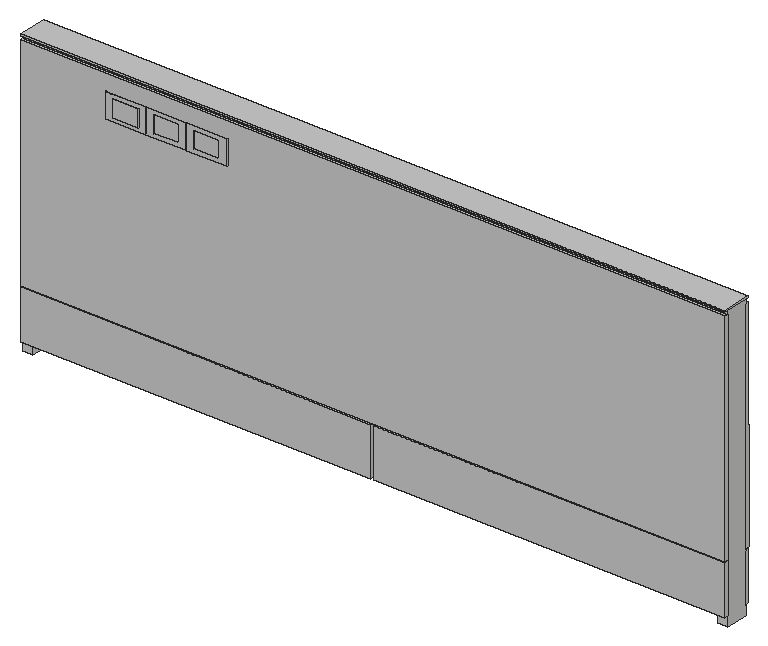
Revit family "System_Furniture-Teknion-Typical-Freestanding_District_Open_03", category Furniture Systems, Revit 2014
Parameters (values of type "Flush 29x72")
  Tackable Fascia = Fabric - Teknion - S610 - Saturate Quarry
  Frame Constraint = if(Convertible Panel Wall, 0.4375", 0")  # 0"
  Frame = Paint - Teknion - Mica - V - Very White
  Flush Panel Material = Fabric - Teknion - S610 - Saturate Quarry
  Power Communications Fascia Material = Fabric - Teknion - S610 - Saturate Quarry
  Width = 72"
  URL = "http://www.teknion.com/"
  Trim = Paint - Teknion - Mica - V - Very White
  Top Trim [instance] = yes
  Sustainability Data = "http://www.teknion.com/about-teknion/environment/datasheets.asp"
  Pricing Guide = "http://www.teknion.com/pricing/ability/pdfs/ability.pdf"
  Panel Type = if(Convertible Panel Wall, 3.4375", 0")  # 0"
  Product Page URL = "http://www.teknion.com/pricing/district/pdfs/UNPC_ppg.pdf"
  Product Name = "District Panely Systems"  # constant formula
  Product Line = "District"  # constant formula
  Part Number = "See Pricing Guide"  # constant formula
  Model = "Convertible 29x84"
  Material = ""
  Mark = ""
  Manufacturer = "Teknion"  # constant formula
  Height = 29"
  Flush Panel Wall = not(Convertible Panel Wall)  # yes
  Disclaimer = "Please note that the Revit Model is for schematic purposes only.  To obtain a detailed list of sizes and prices, please go to the Teknions Price Guide at http://www.teknion.com/pricing/ability/pdfs/ability.pdf."  # constant formula
  Description = "Panel Wall"  # constant formula
  Convertible Panel Wall = no
  Contact Info = "info.us@teknion.com"
  Assembly Code = "E2020200"
  Additional Mat Finishes = "http://www.teknion.com/fabrics-finishes/list/ff_main.html"
  Fascia Material = Paint - Teknion - Mica - V - Very White
  Frames Note [instance] = if([2 Frames], "1 Frame has to be duplicated to make for 2 Frames", " ")  # "1 Frame has to be duplicated to make for 2 Frames"
  2 Frames [instance] = if(Width > 60", 1 = 1, 1 = 0)  # yes
  1 Frame [instance] = if(Width < 61", 1 = 1, 1 = 0)  # no
Reference planes (in)
  plane 1 "Center Front/Back": y = 0
  plane 2: z = 0
  plane 3 "Center Left/Right": x = 0
  plane 4 "Top": z = 29
  plane 5 "Bottom": z = 1
  plane 6 "Left": x = -36
  plane 7 "Right": x = 36
  plane 8 "Back": y = 1.5
  plane 9 "Front": y = -1.5
  plane 10: y = 1.125
  plane 11: y = -1.125
  plane 12: x = 35.25
  plane 13: x = -35.25
  plane 14: z = 4
  plane 15: z = 20
  plane 16: z = 29
  plane 17: y = -1.566
  plane 18: y = -1.6285
  plane 19: y = 1.566
  plane 20: y = 1.6285
  plane 21: z = 0
  plane 22: z = 29
  plane 23 "Fascia Top": z = 29
  plane 24: z = 29.125
  plane 25 "Whiteboard Top": z = 29
  plane 26: z = 0
  plane 27: z = 6
  plane 28: z = 6.125
  plane 29 "bottom base fascia": z = 1
  plane 30 "Bottom fascia top level": z = 28.85
  plane 31 "Top fascia mid level": z = 28.6
  plane 32: x = 0.15
  plane 33: x = -0.15
Forms (in)
  Extrusion 1, solid, material "Paint - Teknion - Mica - V - Very White" <- "Frame"
    sketch origin (0, -1.5, 0) x (-1, 0, 0) y (0, 0, 1)
      loop
        line (35, 4.5) -> (-35, 4.5) -> (-35, 3.5) -> (35, 3.5) -> (35, 4.5)
    from 0.375 to 2.625
  Extrusion 2, solid, material "Paint - Teknion - Mica - V - Very White" <- "Frame"
    sketch origin (0, -1.5, 0) x (-1, 0, 0) y (0, 0, 1)
      loop
        line (35, 0) -> (36, 0) -> (36, 29) -> (-36, 29) -> (-36, 0) -> (-35, 0) -> (-35, 28) -> (35, 28) -> (35, 0)
    from 0.375 to 2.625
  Revolve 3, solid, visible <- "Convertible Panel Wall"
    sketch origin (0, 0, 0) x (1, 0, 0) y (0, 0, 1)
      loop
        line (-35.25, 1) -> (-35.96875, 1) -> (-35.96875, 0) -> (-35.25, 0) -> (-35.25, 1)
      axis (-35.25, 1) -> (-35.25, 0)
    angle from 0 to 360
  Revolve 4, solid, visible <- "Convertible Panel Wall"
    sketch origin (0, 0, 0) x (1, 0, 0) y (0, 0, 1)
      loop
        line (35.25, 1) -> (35.25, 0) -> (35.96875, 0) -> (35.96875, 1) -> (35.25, 1)
      axis (35.25, 1) -> (35.25, 0)
    angle from 0 to 360
  Extrusion 5, solid, material "Paint - Teknion - Mica - V - Very White" <- "Trim", visible <- "Top Trim"
    sketch origin (0, 0, 0) x (1, 0, 0) y (0, 1, 0)
      loop
        line (-36, 1.5) -> (-36, -1.5) -> (36, -1.5) -> (36, 1.5) -> (-36, 1.5)
    from 29 to 29.125
  Extrusion 6, solid, material "Paint - Teknion - Mica - V - Very White" <- "Fascia Material"
    sketch origin (0, -1.5, 0.5) x (-1, 0, 0) y (0, 0, 1)
      loop
        line (36, 5.5) -> (0.15, 5.5) -> (0.15, 0.5) -> (36, 0.5) -> (36, 5.5)
      loop
        line (-0.15, 5.5) -> (-36, 5.5) -> (-36, 0.5) -> (-0.15, 0.5) -> (-0.15, 5.5)
    from 0 to 0.375
  Extrusion 7, solid, material "Paint - Teknion - Mica - V - Very White" <- "Fascia Material"
    sketch origin (0, 1.125, 0.5) x (-1, 0, 0) y (0, 0, 1)
      loop
        line (-0.15, 5.5) -> (-36, 5.5) -> (-36, 0.5) -> (-0.15, 0.5) -> (-0.15, 5.5)
      loop
        line (0.15, 5.5) -> (0.15, 0.5) -> (36, 0.5) -> (36, 5.5) -> (0.15, 5.5)
    from 0 to 0.375
  Extrusion 8, solid, material "Paint - Teknion - Mica - V - Very White" <- "Fascia Material"
    sketch origin (0, -1.5, -14.5) x (-1, 0, 0) y (0, 0, 1)
      loop
        line (36, 43.1) -> (-36, 43.1) -> (-36, 20.625) -> (36, 20.625) -> (36, 43.1)
    from 0 to 0.375
  Extrusion 9, solid, material "Paint - Teknion - Mica - V - Very White" <- "Fascia Material"
    sketch origin (1.54179, 1.125, -14.6692) x (-1, 0, 0) y (0, 0, 1)
      loop
        line (37.54179, 43.2692) -> (-34.45821, 43.2692) -> (-34.45821, 20.7942) -> (37.54179, 20.7942) -> (37.54179, 43.2692)
    from 0 to 0.375
Lines and regions (in)
  Masking region 1
    outline origin (0, 0, 0) x (1, 0, 0) y (0, 1, 0)
      loop
        line (-36, 1.5) -> (-36, -1.49946) -> (36, -1.49946) -> (36, 1.5) -> (-36, 1.5)
  Masking region 2
    outline origin (0, 0, 0) x (1, 0, 0) y (0, 1, 0)
      loop
        line (-27.25, 1.5) -> (-23.15625, 1.5) -> (-23.15625, 1.566) -> (-23.84375, 1.566) -> (-23.84375, 1.6285) -> (-26.4375, 1.6285) -> (-26.4375, 1.566) -> (-27.25, 1.566) -> (-27.25, 1.5)
      loop
        line (-23.09375, 1.566) -> (-23.09375, 1.5) -> (-19, 1.5) -> (-19, 1.566) -> (-23.09375, 1.566)
      loop
        line (-18.9375, 1.566) -> (-18.9375, 1.5) -> (-14.84375, 1.5) -> (-14.84375, 1.566) -> (-18.9375, 1.566)
      loop
        line (-23.09375, -1.5) -> (-23.09375, -1.566) -> (-19, -1.566) -> (-19, -1.5) -> (-23.09375, -1.5)
      loop
        line (-18.9375, -1.5) -> (-18.9375, -1.566) -> (-14.84375, -1.566) -> (-14.84375, -1.5) -> (-18.9375, -1.5)
      loop
        line (-27.25, -1.5) -> (-27.25, -1.566) -> (-26.4375, -1.566) -> (-26.4375, -1.6285) -> (-23.84375, -1.6285) -> (-23.84375, -1.566) -> (-23.15625, -1.566) -> (-23.15625, -1.5) -> (-27.25, -1.5)
Dimensions and locks (in)
  equal spacing: plane 7 "Right", plane 3 "Center Left/Right", plane 6 "Left"
  "Width": plane 7 "Right" to plane 6 "Left"
  equal spacing: plane 8 "Back", plane 1 "Center Front/Back", plane 9 "Front"
  locked: plane 8 "Back" to plane 9 "Front" at 3
  "Height": plane 4 "Top" to plane 2
  locked: plane 11 to plane 9 "Front" at 0.375
  locked: plane 8 "Back" to plane 10 at 0.375
  locked: plane 13 to plane 6 "Left" at 0.75
  locked: plane 7 "Right" to plane 12 at 0.75
  locked: plane 13 to Extrusion 1 sketch curve at 0.25
  locked: plane 12 to Extrusion 1 sketch curve at 0.25
  locked: Extrusion 2 sketch curve to plane 6 "Left" at 1
  locked: plane 7 "Right" to Extrusion 2 sketch curve at 1
  plane 4 "Top" to Extrusion 2 sketch curve = 1"
  locked: plane 4 "Top" to plane 16
  locked: plane 9 "Front" to plane 17 at 0.066
  locked: plane 17 to plane 18 at 0.0625
  plane 20 to plane 19 to plane 8 "Back" = 0.0625" locked, 0.066" locked
  locked: plane 14 to plane 5 "Bottom" at 3
  locked: Revolve 3 sketch curve to plane 13 at 0.71875
  locked: Revolve 4 sketch curve to plane 12 at 0.71875
  Extrusion 1 sketch curve to plane 14 to Extrusion 1 sketch curve = 0.5" locked, 0.5" locked
  plane 22 to plane 4 "Top" = 0"
  locked: plane 4 "Top" to plane 23 "Fascia Top"
  equal spacing: Extrusion 5 sketch curve, plane 1 "Center Front/Back", Extrusion 5 sketch curve
  Extrusion 5 sketch curve to Extrusion 5 sketch curve = 3"
  locked: plane 24 to plane 22 at 0.125
  locked: plane 4 "Top" to plane 25 "Whiteboard Top"
  "Frame Constraint": plane 26 to plane 2
  "Panel Type": plane 21 to plane 2
  locked: plane 27 to level at 6
  locked: plane 13 to nested 3 at 8
  locked: plane 24 to nested 3 at 2.125
  locked: plane 28 to plane 27 at 0.125
  locked: plane 29 "bottom base fascia" to level at 1
  locked: plane 30 "Bottom fascia top level" to level at 28.85
  locked: plane 30 "Bottom fascia top level" to plane 31 "Top fascia mid level" at 0.25
  locked: plane 5 "Bottom" to level at 1
  plane 32 to plane 3 "Center Left/Right" to plane 33 = 0.15" locked, 0.15" locked
  aligned and locked: level to plane 2
  aligned and locked: plane 11 to Extrusion 1
  aligned and locked: plane 10 to Extrusion 1
  aligned and locked: Extrusion 2 sketch curve to plane 7 "Right"
  aligned and locked: plane 6 "Left" to Extrusion 2 sketch curve
  aligned and locked: Extrusion 2 sketch curve to plane 4 "Top"
  aligned and locked: plane 11 to Extrusion 2
  aligned and locked: plane 10 to Extrusion 2
  aligned and locked: plane 13 to Revolve 3 sketch curve  (x2)
  aligned and locked: plane 2 to Revolve 3 sketch curve
  aligned and locked: Revolve 3 sketch curve to plane 5 "Bottom"
  aligned and locked: Revolve 4 sketch curve to plane 12  (x2)
  aligned and locked: plane 5 "Bottom" to Revolve 4 sketch curve
  aligned and locked: Revolve 4 sketch curve to plane 2
  aligned and locked: Extrusion 5 sketch curve to plane 6 "Left"
  aligned and locked: plane 7 "Right" to Extrusion 5 sketch curve
  aligned and locked: plane 22 to Extrusion 5
  aligned and locked: plane 24 to Extrusion 5
  aligned and locked: plane 6 "Left" to Extrusion 6 sketch curve
  aligned and locked: Extrusion 6 to plane 9 "Front"
  aligned and locked: Extrusion 6 to plane 11
  aligned and locked: Masking region 1 sketch curve to Extrusion 5
  aligned and locked: plane 3 "Center Left/Right" to nested 1
  aligned and locked: plane 11 to nested 1
  aligned and locked: plane 25 "Whiteboard Top" to nested 1
  aligned and locked: Masking region 1 sketch curve to plane 8 "Back"
  aligned and locked: plane 26 to Extrusion 2 sketch curve
  aligned and locked: Extrusion 2 sketch curve to plane 26
  aligned and locked: plane 27 to Extrusion 7 sketch curve
  aligned and locked: nested 2 to nested 3
  aligned and locked: nested 3 to nested 2
  aligned and locked: Extrusion 6 to plane 5 "Bottom"
  aligned and locked: Extrusion 7 to plane 5 "Bottom"
  aligned and locked: plane 28 to Extrusion 8
  aligned and locked: Extrusion 8 to plane 6 "Left"
  aligned and locked: plane 7 "Right" to Extrusion 8
  aligned and locked: Extrusion 8 to plane 31 "Top fascia mid level"
  aligned and locked: plane 7 "Right" to Extrusion 9
  aligned and locked: Extrusion 9 to plane 6 "Left"
  aligned and locked: Extrusion 9 to plane 31 "Top fascia mid level"
  aligned and locked: plane 28 to Extrusion 9
  aligned and locked: Extrusion 6 sketch curve to plane 33
  aligned and locked: plane 27 to Extrusion 6 sketch curve
  aligned and locked: plane 32 to Extrusion 6 sketch curve
  aligned and locked: Extrusion 6 sketch curve to Extrusion 7  (x2)
  aligned and locked: plane 32 to Extrusion 7 sketch curve
  aligned and locked: Extrusion 7 sketch curve to plane 33
  aligned and locked: plane 29 "bottom base fascia" to Extrusion 7 sketch curve
  aligned and locked: Masking region 2 sketch curve to nested 2  (x8)
  aligned and locked: Masking region 2 sketch curve to nested 3  (x8)
Automatic sketch dimensions
  Revolve 3 sketch curve to level = 1.8458"
  plane 29 "bottom base fascia" to Revolve 3 sketch curve = 0.36888"
  Revolve 4 sketch curve to level = 1.8458"
  plane 29 "bottom base fascia" to Revolve 4 sketch curve = 0.36888"
  Masking region 1 sketch curve to plane 7 "Right" = 0"
  plane 9 "Front" to Masking region 1 sketch curve = 0.00054"
  Extrusion 8 sketch curve to plane 7 "Right" = 0"
  Extrusion 8 sketch curve to plane 6 "Left" = 0"
  Extrusion 8 sketch curve to plane 28 = 0"
  Extrusion 8 sketch curve to plane 31 "Top fascia mid level" = 0"
  plane 7 "Right" to Extrusion 9 sketch curve = 0"
  plane 13 to Extrusion 9 sketch curve = 0.75"
  Extrusion 9 sketch curve to plane 15 = 13.875"
  plane 31 "Top fascia mid level" to Extrusion 9 sketch curve = 0"
  Extrusion 6 sketch curve to plane 5 "Bottom" = 0"
  Extrusion 6 sketch curve to plane 27 = 0"
  Extrusion 7 sketch curve to plane 7 "Right" = 0"
  Extrusion 7 sketch curve to plane 6 "Left" = 0"
  Extrusion 7 sketch curve to plane 5 "Bottom" = 0"
  Extrusion 7 sketch curve to plane 27 = 0"
  Masking region 2 sketch curve to plane 8 "Back" = 0"
  plane 19 to Masking region 2 sketch curve = 0"  (x2)
  Masking region 2 sketch curve to plane 17 = 0"  (x2)
  Masking region 2 sketch curve to plane 20 = 0"
  plane 18 to Masking region 2 sketch curve = 0"
  Masking region 2 sketch curve to plane 13 = 8"
  Masking region 2 sketch curve to plane 9 "Front" = 0"
  Masking region 2 sketch curve to Masking region 2 sketch curve = 0"
  Masking region 2 sketch curve to Masking region 2 sketch curve = 0.8125"  (x2)
  Masking region 2 sketch curve to Masking region 2 sketch curve = 0.75"  (x2)
  Masking region 2 sketch curve to Masking region 2 sketch curve = 0.0625"  (x2)
Nested families (in)
  nested 1: "White Board" at (0, -1.125, 7), type "White Board", not visible
    with Whiteboard Tray no, Height Note "Available Heights: 22, 24, 30, 37 Inches", Height Constraint 22", Whiteboard Visibility no, Width 72"
  nested 2: "Power Communications Fascia" at (-21.04687, 1.5, 25.75) x (-1, 0, 0) z (0, 1, 0), type "Power Communications Fascia"
  nested 3: "Power Communications Fascia" at (-21.04687, -1.5, 25.75) x (-1, 0, 0) z (0, -1, 0), type "Power Communications Fascia"
Definition of nested family "Power Communications Fascia"
  Parameters (values of type "Power Communications Fascia")
    Default Elevation = 48"
    Communications Fascia = none
  Reference planes (in)
    plane 1 "Center (Front/Back)": y = 0
    plane 2: z = 0
    plane 3 "Center (Left/Right)": x = 0
    plane 4: y = 0.08671
    plane 5: y = 0
    plane 6: y = 0.08671
  Forms (in)
    Extrusion 1, solid
      sketch origin (0, 0, 0) x (1, 0, 0) y (0, 1, 0)
        loop
          line (-48, 48) -> (-48, -48) -> (48, -48) -> (48, 48) -> (-48, 48)
      from 0 to -12
    Extrusion 2, solid, material <- "Communications Fascia"
      sketch origin (-29.79228, -0.26737, -1.4375) x (0, 1, 0) y (-1, 0, 0)
        loop
          line (1.51737, -27.6829) -> (1.51737, -23.58915) -> (-0.98263, -23.58915) -> (-0.98263, -27.6829) -> (1.51737, -27.6829)
        loop
          line (1.51737, -31.83915) -> (1.51737, -27.7454) -> (-0.98263, -27.7454) -> (-0.98263, -31.83915) -> (1.51737, -31.83915)
        loop
          line (1.51737, -31.90165) -> (-0.98263, -31.90165) -> (-0.98263, -35.9954) -> (1.51737, -35.9954) -> (1.51737, -31.90165)
      from 1.4375 to 1.5035
    Extrusion 3, solid, material <- "Communications Fascia"
      sketch origin (-1.09375, 31.94627, 0.1945) x (-1, 0, 0) y (0, -1, 0)
        loop
          line (-3.89062, 32.82127) -> (-6.48437, 32.82127) -> (-6.48437, 31.07127) -> (-3.89062, 31.07127) -> (-3.89062, 32.82127)
      from -0.1285 to -0.066
    Extrusion 4, void
      sketch origin (2.98341, 25.60802, 0.1945) x (1, 0, 0) y (0, 1, 0)
        loop
          line (-4.28029, -26.48302) -> (-1.68654, -26.48302) -> (-1.68654, -24.73302) -> (-4.28029, -24.73302) -> (-4.28029, -26.48302)
        loop
          line (-5.78029, -26.48302) -> (-5.78029, -24.73302) -> (-8.37404, -24.73302) -> (-8.37404, -26.48302) -> (-5.78029, -26.48302)
      from -0.1945 to -0.1285
  Cuts and joins
    Extrusion 4 cuts Extrusion 2
  Dimensions and locks (in)
    Extrusion 2 sketch curve to Extrusion 2 sketch curve to Extrusion 2 sketch curve to Extrusion 2 sketch curve to Extrusion 2 sketch curve to Extrusion 2 sketch curve = 4.09375" locked, 0.0625" locked, 4.09375", 0.0625" locked, 4.09375" locked
    Extrusion 2 sketch curve to Extrusion 2 sketch curve to Extrusion 2 sketch curve to plane 4 to Extrusion 2 sketch curve to Extrusion 2 sketch curve to Extrusion 2 sketch curve = 0" locked, 0" locked, 1.33671" locked, 1.16329" locked, 0" locked, 0" locked
    locked: Extrusion 3 sketch curve to Extrusion 3 sketch curve at 2.59375
    Extrusion 3 sketch curve to plane 5 to Extrusion 3 sketch curve = 0.875" locked, 0.875" locked
    Extrusion 4 sketch curve to Extrusion 4 sketch curve to Extrusion 4 sketch curve to Extrusion 4 sketch curve = 2.59375" locked, 1.5" locked, 2.59375"
    Extrusion 4 sketch curve to Extrusion 4 sketch curve to plane 6 to Extrusion 4 sketch curve to Extrusion 4 sketch curve = 0" locked, 0.78829", 0.96171", 0" locked
    aligned and locked: plane 2 to Extrusion 1
    aligned and locked: level to Extrusion 1
Definition of nested family "White Board"
  Parameters (values of type "White Board")
    Whiteboard Visibility = yes
    Whiteboard = none
    Width = 24"
    Whiteboard Tray [instance] = yes
    Height Note [instance] = "Available Heights: 22, 24, 30, 37 Inches"  # constant formula
    Height Constraint [instance] = if(Height < 22", 22", if(Height > 37", 37", Height))  # 22"
    Height = 22"
  Reference planes (in)
    plane 1 "Center (Front/Back)": y = 0
    plane 2: z = 0
    plane 3 "Center (Left/Right)": x = 0
    plane 4: x = -12
    plane 5: x = 12
    plane 6: z = 22
  Forms (in)
    Extrusion 1, solid, material <- "Whiteboard", visible <- "Whiteboard Visibility"
      sketch origin (0, 0, 0) x (0, 1, 0) y (0, 0, 1)
        loop
          line (0, 22) -> (-0.375, 22) -> (-0.375, 0) -> (0, 0) -> (0, 22)
      from -12 to 12
    Extrusion 2, solid, material <- "Whiteboard", visible <- "Whiteboard Tray"
      sketch origin (0, 0, 0) x (0, 1, 0) y (0, 0, 1)
        loop
          line (-0.375, 0) -> (-0.375, 0.375) -> (-2.875, 0.375) -> (-2.875, 0) -> (-0.375, 0)
      from -12 to 12
  Dimensions and locks (in)
    "Height": plane 6 to plane 2
    equal spacing: plane 4, plane 3 "Center (Left/Right)", plane 5
    "Width": plane 4 to plane 5
    locked: plane 1 "Center (Front/Back)" to Extrusion 1 sketch curve at 0.375
    plane 1 "Center (Front/Back)" to Extrusion 2 sketch curve to Extrusion 2 sketch curve = 0.375" locked, 2.5" locked
    locked: Extrusion 2 sketch curve to plane 2 at 0.375
    aligned and locked: plane 2 to level
    aligned and locked: plane 4 to Extrusion 1
    aligned and locked: plane 5 to Extrusion 1
    aligned and locked: Extrusion 1 sketch curve to plane 1 "Center (Front/Back)"
    aligned and locked: Extrusion 2 sketch curve to plane 2
    aligned and locked: plane 4 to Extrusion 2
    aligned and locked: plane 5 to Extrusion 2
  Automatic sketch dimensions
    Extrusion 1 sketch curve to plane 6 = 0"
    Extrusion 1 sketch curve to level = 0"
